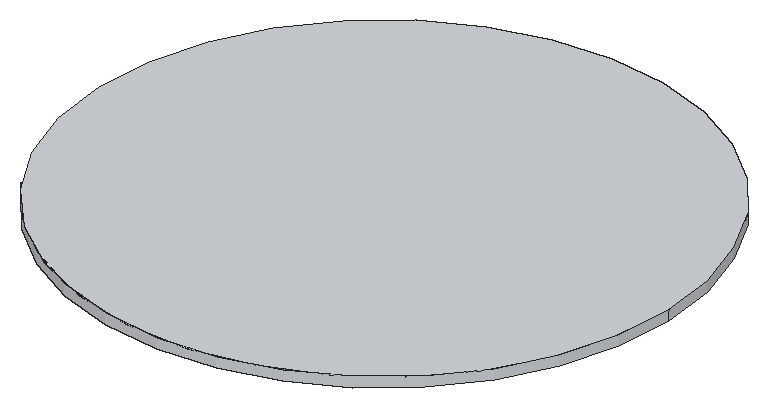
Revit family "CITY", category Lighting Fixtures, host Face, Revit 2023 (continued)
Parameters (values of type "LISUP3084")
    7.202271 362.64679 348.629517 333.886841 319.70578 305.548126 290.665009 276.437134\r\n 262.864532 247.255981 232.840912 217.794006 204.151169 189.80629 174.876389 160.648529 146.514267 131.677963 117.613907 102.894623 89.649597 76.00676 61.427876 48.814686 36.763119 23.541502 12.987609 4.937631 3.229351 2.176302 1.544472\r\n 1.357264 1.28706 1.357264 1.404066 1.357264 1.427467 1.521071 1.638077 1.731681 1.848687 1.895489 1.965692 2.035895 2.152901 2.199703 2.246505 2.34011 2.433714 2.480516 2.550719 2.667725 2.761329 2.831532 2.925137 3.042143 3.135747\r\n 3.229351 3.299555 3.369758 3.486763 3.556967 3.720774 3.744175 3.83778 3.931384 4.024988 4.165395 4.188797 4.305802 4.376005 4.469609 4.586615 4.633417 4.70362 4.797225 4.91423 4.937631 5.054637 5.148241 5.218445 5.288648 5.358851\r\n 5.499258 5.522659 5.616263 5.663065 5.75667 5.803472 5.897076 5.943879 5.990681 5.826873 5.873675 5.920477 5.990681 6.014082 6.131087 6.131087 6.201291 6.294895 6.318296 6.365098 6.388499 6.458703 6.552307 6.528906 6.62251 6.645911\r\n 6.669312 6.716115 6.739516 6.762917 6.762917 6.83312 6.83312 6.856522 6.856522 6.926725 6.856522 6.879922 6.879922 6.866759\r\n841.269409 840.520569 839.935547 839.022888 837.852844 836.401978 834.483093 832.517395 829.966675 827.345764 824.350464 820.793457 817.376892 813.515686 809.2099 804.787109 799.755859 795.052246 789.646606 783.679321 778.063049 772.002197\r\n 765.403015 758.780518 751.549622 744.646301 737.274963 729.295166 721.31543 713.335632 704.513428 695.971985 686.517944 677.531921 668.68634 658.179199 648.818787 638.826477 628.179016 617.765503 606.720215 595.838684 585.2146 572.858826\r\n 561.71991 549.036499 537.710388 525.612 512.25 499.917603 487.257629 473.755188 461.259003 446.937531 433.669128 420.915527 406.126007 392.576813 379.472198 364.869904 350.969635 335.641907 321.460846 307.888245 292.466888 278.941071\r\n 264.736603 249.806702 235.415039 220.414932 206.163666 192.474014 176.888885 163.292847 149.135193 134.392502 120.328438 105.74955 91.802505 78.112862 63.884995 50.639973 38.401199 25.6008 14.578883 5.358851 3.439961 2.293308 1.591274\r\n 1.380665 1.333862 1.357264 1.427467 1.450868 1.521071 1.591274 1.755082 1.848687 1.91889 1.942291 2.059297 2.1295 2.223104 2.316709 2.363511 2.433714 2.527318 2.620923 2.808132 2.925137 2.99534 3.065543 3.135747 3.20595 3.299555 3.369758\r\n 3.486763 3.556967 3.62717 3.720774 3.83778 3.931384 4.001587 4.118593 4.188797 4.282401 4.376005 4.399406 4.469609 4.539813 4.633417 4.727021 4.867428 4.91423 5.007834 5.078038 5.195043 5.218445 5.288648 5.429054 5.499258 5.592862\r\n 5.54606 5.592862 5.686467 5.75667 5.826873 5.709867 5.686467 5.803472 5.826873 5.920477 5.990681 6.014082 6.060884 6.131087 6.224692 6.318296 6.365098 6.435301 6.435301 6.505505 6.575708 6.575708 6.645911 6.692714 6.739516 6.83312\r\n 6.856522 6.856522 6.856522 6.856522 6.903323 6.903323 6.926725 6.856522 6.83312 6.856522 6.856522 6.856522 6.866759\r\n841.269409 841.105652 840.497192 839.561096 838.648499 837.174255 835.302124 833.313049 830.83252 828.258423 825.309814 821.916687 818.453308 814.709167 810.379944 805.863586 801.019531 796.29248 790.910278 784.872742 779.420288 773.616882\r\n 766.783752 760.465454 752.883484 745.675903 738.655579 730.629028 722.672668 714.856689 705.683472 697.539856 687.82843 679.19342 669.73938 659.372681 649.942078 640.090149 629.325684 618.935608 607.866882 596.938538 586.408081 574.028931\r\n 563.123962 550.300171 538.927246 526.969238 513.560425 501.087677 489.106323 475.01886 462.616272 448.318207 435.143372 422.342987 407.764099 394.144653 381.040039 366.601593 351.999268 337.233215 323.824371 309.643311 294.245392\r\n 280.74295 266.608673 251.678802 237.310516 222.333817 208.784576 194.626923 179.275787 165.726563 151.615692 136.896408 122.972763 108.323677 94.540436 80.827385 66.69313 53.939526 40.92852 27.987711 17.035997 7.956373 3.697373 2.480516\r\n 1.638077 1.333862 1.28706 1.357264 1.404066 1.450868 1.49767 1.521071 1.638077 1.731681 1.778483 1.825285 1.895489 1.989093 2.035895 2.1295 2.199703 2.246505 2.363511 2.433714 2.527318 2.644324 2.714527 2.808132 2.925137 2.99534 3.042143\r\n 3.159148 3.252752 3.346357 3.369758 3.486763 3.62717 3.673972 3.720774 3.814378 3.907983 3.978186 4.04839 4.095191 4.165395 4.305802 4.376005 4.493011 4.539813 4.656818 4.727021 4.797225 4.91423 4.984434 5.054637 5.12484 5.195043\r\n 5.195043 5.288648 5.358851 5.382252 5.475856 5.54606 5.616263 5.686467 5.75667 5.803472 5.873675 5.920477 6.014082 6.107686 6.131087 6.131087 6.201291 6.201291 6.294895 6.365098 6.388499 6.435301 6.505505 6.528906 6.575708 6.575708\r\n 6.692714 6.716115 6.762917 6.762917 6.809719 6.856522 6.809719 6.83312 6.83312 6.856522 6.856522 6.879922 6.903323 6.866759\r\n841.269409 841.690613 841.269409 840.450378 839.420715 838.18042 836.261597 834.295837 831.815369 829.264648 826.526672 823.133545 819.670166 816.066406 811.526611 807.314453 802.400208 797.462524 792.290894 786.39386 780.61377 774.903931\r\n 768.351624 761.565308 754.357727 747.290649 739.91925 731.986328 724.334106 716.213989 707.415161 698.78009 689.466492 680.410278 671.049805 660.987366 651.112122 641.65802 630.542542 620.620422 608.990112 598.085205 587.461121 575.737183\r\n 564.106812 551.891479 539.956848 528.490356 515.128296 502.164124 490.042358 476.563324 463.669342 449.371246 436.781433 423.396027 409.402161 395.782745 382.022888 367.654602 354.269196 339.081909 325.041229 311.608978 296.187683\r\n 282.638458 268.43396 252.942459 239.252808 223.50386 209.603622 195.09494 179.977844 165.632965 152.107132 136.592194 123.253578 107.949257 94.634033 80.803986 66.880333 54.664959 42.589996 30.702238 20.195147 10.179477 4.095191 2.761329\r\n 1.825285 1.474269 1.404066 1.450868 1.474269 1.474269 1.591274 1.661478 1.731681 1.872088 1.91889 2.035895 2.106099 2.176302 2.246505 2.269906 2.34011 2.410313 2.527318 2.597522 2.667725 2.737928 2.854934 2.948538 2.99534 3.135747\r\n 3.229351 3.276154 3.41656 3.463362 3.556967 3.62717 3.790978 3.861181 3.954785 4.04839 4.118593 4.235599 4.305802 4.376005 4.493011 4.586615 4.70362 4.797225 4.937631 4.984434 5.054637 5.171642 5.218445 5.288648 5.405653 5.475856\r\n 5.54606 5.663065 5.75667 5.873675 5.943879 5.990681 6.060884 6.177889 6.201291 6.341697 6.365098 6.435301 6.505505 6.575708 6.575708 6.669312 6.716115 6.786318 6.856522 6.950126 6.996928 7.04373 7.04373 6.856522 6.809719 6.856522\r\n 6.83312 6.926725 6.926725 6.950126 6.996928 6.996928 7.04373 7.067131 7.067131 7.113933 7.04373 7.067131 7.067131 7.113933 6.866759\r\n841.269409 844.100952 843.749939 843.188293 842.299072 841.175842 839.561096 837.876221 835.6297 833.242859 830.715515 827.369141 824.186646 820.746643 816.581299 812.36908 807.618652 803.008606 797.907166 792.384521 787.025635 781.128601\r\n 774.318848 767.860168 760.816467 754.170532 747.267212 739.076782 731.635315 723.491699 714.856689 706.338684 696.674072 688.156006 678.912598 669.037354 659.793884 649.895264 638.803101 628.90448 617.367737 607.047852 596.564148\r\n 584.348816 572.952454 561.27533 548.966309 536.891357 524.090942 512.296814 499.683594 486.345001 473.567993 459.85495 446.656738 433.949921 419.277466 406.266449 392.529999 378.044708 364.82309 349.588989 336.109955 321.999084 307.115967\r\n 292.6073 278.753876 262.747498 248.823853 233.613144 219.057663 205.227615 190.157318 175.76564 161.467575 146.654663 133.152237 117.847923 104.626297 91.568489 76.966209 64.329613 51.435612 38.167191 26.162426 15.655334 7.46495 3.088945\r\n 1.872088 1.170055 0.842439 0.842439 0.889242 0.912643 0.889242 0.959445 1.006247 1.029648 1.099851 1.216857 1.28706 1.357264 1.521071 1.567873 1.661478 1.778483 1.801884 1.895489 1.942291 2.106099 2.246505 2.293308 2.410313 2.480516\r\n 2.597522 2.691126 2.78473 2.854934 2.925137 3.018741 3.088945 3.229351 3.299555 3.369758 3.486763 3.556967 3.720774 3.814378 3.884582 3.978186 4.04839 4.188797 4.258999 4.399406 4.493011 4.539813 4.680219 4.750422 4.797225 4.91423\r\n 5.007834 5.101439 5.12484 5.265246 5.358851 5.405653 5.499258 5.499258 5.569461 5.616263 5.75667 5.803472 5.873675 5.920477 5.990681 6.107686 6.084285 6.154489 6.248093 6.294895 6.341697 6.411901 6.482104 6.528906 6.575708 6.62251\r\n 6.645911 6.692714 6.62251 6.388499 6.341697 6.365098 6.365098 6.435301 6.388499 6.482104 6.482104 6.528906 6.552307 6.552307 6.866759\r\n841.269409 841.456604 841.269409 840.66095 839.818542 838.742126 837.174255 835.536133 833.336487 830.972961 828.515808 825.309814 822.174133 818.640503 814.568726 810.379944 805.793335 801.32373 796.29248 790.582642 785.177002 779.350098\r\n 772.938171 766.807129 759.482605 752.883484 745.675903 737.789734 730.044006 722.485474 713.476074 705.285645 695.831604 687.243347 678.046753 668.288513 658.506836 649.146423 638.592529 628.179016 617.133728 606.392578 595.394104\r\n 583.202148 572.460999 560.807251 548.474915 536.42334 523.693115 511.290558 499.238983 485.408936 473.193542 459.597534 446.399292 433.715912 419.066833 406.055817 392.974609 377.904297 364.050873 349.495392 336.086548 321.952271\r\n 306.952179 292.560516 278.777252 263.543152 248.987656 233.776962 219.385284 205.602036 189.946701 176.280457 162.052597 147.2397 133.901077 118.573357 105.445335 91.849304 77.738441 64.961441 51.833431 37.839573 26.022018 15.655334\r\n 7.46495 3.299555 1.989093 1.333862 1.053049 1.053049 1.099851 1.146654 1.170055 1.240258 1.28706 1.357264 1.427467 1.474269 1.521071 1.614676 1.638077 1.778483 1.895489 1.965692 2.059297 2.176302 2.246505 2.34011 2.480516 2.527318\r\n 2.667725 2.737928 2.808132 2.901736 2.99534 3.088945 3.182549 3.276154 3.346357 3.463362 3.556967 3.62717 3.720774 3.814378 3.931384 4.04839 4.165395 4.235599 4.305802 4.376005 4.493011 4.610016 4.727021 4.797225 4.91423 4.937631\r\n 5.078038 5.195043 5.241846 5.358851 5.429054 5.54606 5.616263 5.686467 5.803472 5.873675 5.873675 5.990681 6.107686 6.177889 6.177889 6.248093 6.294895 6.388499 6.435301 6.458703 6.528906 6.552307 6.575708 6.645911 6.692714 6.739516\r\n 6.786318 6.856522 6.809719 6.903323 6.926725 6.879922 6.669312 6.669312 6.692714 6.669312 6.669312 6.716115 6.716115 6.692714 6.739516 6.786318 6.866759\r\n841.269409 840.497192 840.192993 839.701538 838.835693 837.759216 836.121155 834.483093 832.3302 829.990051 827.486145 824.30365 821.004028 817.727905 813.539063 809.677917 804.787109 800.340881 795.613892 789.857178 784.591919 778.81189\r\n 772.470215 766.151917 759.084778 752.181396 745.348328 737.251526 729.435608 721.783386 713.312195 704.981445 695.761414 686.798767 678.187195 667.960938 658.717468 648.79541 638.28833 627.898193 616.899658 606.182007 595.72168 583.553162\r\n 572.718445 561.111511 548.194092 536.821167 523.599548 511.711792 499.121979 485.83017 473.567993 459.410309 446.86734 433.575531 419.417847 405.915405 392.834198 377.740509 364.565704 349.963379 336.016357 321.88208 307.186218 293.613556\r\n 279.362305 264.45578 250.672546 234.993805 220.625534 206.935883 191.795395 177.473923 163.854477 148.29274 134.720123 119.345589 105.983566 92.644943 76.568382 62.387321 48.299862 35.82708 25.764606 15.561728 7.441548 3.276154 2.106099\r\n 1.450868 1.170055 1.216857 1.240258 1.240258 1.310461 1.357264 1.427467 1.427467 1.544472 1.614676 1.661478 1.825285 1.872088 1.965692 2.035895 2.106099 2.246505 2.34011 2.480516 2.597522 2.691126 2.761329 2.901736 2.99534 3.065543\r\n 3.135747 3.229351 3.346357 3.41656 3.486763 3.580368 3.673972 3.720774 3.814378 3.907983 4.001587 4.095191 4.188797 4.258999 4.352604 4.446208 4.539813 4.633417 4.727021 4.797225 4.867428 4.984434 5.007834 5.12484 5.241846 5.33545\r\n 5.405653 5.499258 5.54606 5.686467 5.686467 5.803472 5.826873 5.873675 5.990681 6.084285 6.131087 6.177889 6.248093 6.318296 6.388499 6.435301 6.482104 6.552307 6.62251 6.62251 6.716115 6.762917 6.809719 6.903323 6.879922 6.926725\r\n 6.903323 6.762917 6.669312 6.692714 6.716115 6.762917 6.739516 6.856522 6.856522 6.83312 6.856522 6.856522 6.856522 6.866759\r\n841.269409 840.333374 840.005737 839.397278 838.601685 837.501831 835.910583 834.155457 832.026001 829.70929 827.018127 824.139832 820.770081 817.423645 813.18811 809.28009 804.553101 800.060059 795.09906 789.646606 784.006958 778.531128\r\n 771.908508 765.800903 758.476318 751.924011 745.067505 737.228149 729.295166 721.689819 713.242004 704.747437 695.34021 686.775391 677.648926 667.890686 658.366394 648.935791 638.522278 628.15564 617.180542 606.415955 595.908875 583.833923\r\n 572.437622 561.368896 548.545105 537.055176 523.739929 511.992584 499.94101 485.947174 473.099945 459.48053 446.960938 433.786133 419.745453 406.149414 393.021393 378.091492 364.82309 349.705994 336.273743 322.116089 307.326599 293.122131\r\n 279.502686 264.502594 250.274719 235.181015 221.655197 207.474121 192.029404 178.526962 165.024536 149.533005 136.124176 120.843262 107.481232 94.236214 79.002098 65.569878 52.020638 38.518204 26.349634 14.812894 5.312049 3.182549\r\n 1.989093 1.427467 1.28706 1.240258 1.28706 1.333862 1.357264 1.427467 1.474269 1.591274 1.614676 1.70828 1.755082 1.848687 1.895489 1.989093 2.106099 2.1295 2.223104 2.316709 2.386912 2.480516 2.550719 2.667725 2.808132 2.925137 2.99534\r\n 3.159148 3.276154 3.346357 3.41656 3.486763 3.580368 3.744175 3.790978 3.884582 3.978186 4.04839 4.188797 4.258999 4.376005 4.469609 4.563214 4.610016 4.70362 4.797225 4.820626 4.91423 5.007834 5.054637 5.171642 5.218445 5.312049\r\n 5.382252 5.475856 5.616263 5.686467 5.75667 5.826873 5.873675 5.943879 6.014082 6.107686 6.177889 6.248093 6.318296 6.341697 6.435301 6.482104 6.505505 6.552307 6.62251 6.62251 6.575708 6.458703 6.458703 6.411901 6.482104 6.575708\r\n 6.575708 6.62251 6.692714 6.716115 6.716115 6.762917 6.786318 6.83312 6.903323 6.903323 6.926725 6.926725 6.973526 6.866759\r\n841.269409 840.497192 840.192993 839.490906 838.671936 837.572021 836.004211 834.249084 832.002625 829.70929 827.018127 823.788757 820.536072 817.072693 812.907288 808.812073 804.17865 799.545288 794.748047 788.968018 783.60907 777.782227\r\n 771.417114 764.981812 758.008301 751.479431 744.388855 736.221863 728.827148 720.964355 712.37616 704.373047 694.801941 685.932922 677.204346 666.954651 657.734619 648.046509 637.516052 627.664246 616.244446 605.924561 594.949463\r\n 582.780884 571.969604 560.386047 548.077087 536.072266 523.295349 510.939514 498.864563 485.549347 472.725555 459.082703 445.88446 432.592651 418.505188 405.423981 391.734344 377.249084 363.302032 348.746521 334.682495 321.13324 306.320343\r\n 292.045685 278.426239 262.747498 249.104675 234.05777 219.806503 206.210464 190.672119 177.076096 162.871628 147.286499 133.760666 118.947769 105.585747 91.779106 77.434227 63.931793 51.271805 37.745972 25.226383 12.659993 4.984434\r\n 3.159148 1.989093 1.427467 1.28706 1.240258 1.333862 1.357264 1.380665 1.474269 1.521071 1.544472 1.638077 1.661478 1.825285 1.895489 1.942291 2.035895 2.1295 2.176302 2.246505 2.34011 2.410313 2.527318 2.597522 2.667725 2.737928\r\n 2.878335 2.971939 3.065543 3.159148 3.20595 3.346357 3.41656 3.463362 3.533566 3.697373 3.744175 3.814378 3.978186 4.095191 4.118593 4.235599 4.282401 4.305802 4.399406 4.563214 4.633417 4.70362 4.844027 4.91423 4.984434 5.078038\r\n 5.148241 5.218445 5.288648 5.358851 5.405653 5.522659 5.54606 5.686467 5.803472 5.826873 5.873675 5.920477 6.014082 6.084285 6.154489 6.154489 6.224692 6.294895 6.365098 6.435301 6.458703 6.505505 6.505505 6.505505 6.505505 6.575708\r\n 6.575708 6.62251 6.739516 6.739516 6.762917 6.786318 6.83312 6.879922 6.856522 6.879922 6.903323 6.926725 6.926725 6.926725 6.926725 6.866759\r\n"
  Manufacturer = ""
  LuxLight_Watios = 30 W
  LuxLight_Temperatura(K) [instance] = Temperatura : 3000 K
  LuxLight_Temperatura = 4000 K
  LuxLight_ProtuberanciaTecho = 0 mm
  LuxLight_Lumenes = 2340 lm
  LuxLight_LargoAreaLuminosa = 0 mm
  LuxLight_Largo = 0 mm
  LuxLight_DiametroAreaLuminosa = 0 mm
  LuxLight_Diametro = 0 mm
  LuxLight_AnchoAreaLuminosa = 0 mm
  LuxLight_Ancho = 0 mm
  LuxLight_Amperios = 0
  LuxLight_AltoAreaLuminosa = 0 mm
  LuxLight_Alto = 0 mm
  built-in parameter 1150105 = 109.82 (stored number, unit not read)
  Lumens = 1380 lm
  built-in parameter 1150115 = 1 (stored number, unit not read)
  built-in parameter 1150137 = (empty or 0)
  built-in parameter 1150139 = (empty or 0)
  built-in parameter 1150112 = 1 (stored number, unit not read)
  built-in parameter 1150114 = 1 (stored number, unit not read)
  built-in parameter 1150132 = (empty or 0)
  built-in parameter 1150102 = (empty or 0)
  built-in parameter 1150107 = 3200 (stored number, unit not read)
  built-in parameter 1150138 = (empty or 0)
  built-in parameter 1150106 = 1.0982 (stored number, unit not read)
  Emit from Line Length = 609.6 mm
  built-in parameter 1150104 = 13.8 (stored number, unit not read)
  Dimming Lamp Color Temperature Shift = <None>
  Default Elevation = 1219.2 mm
  Color Filter = 16777215
  built-in parameter 1114218 = 1 (stored number, unit not read)
  built-in parameter 1150133 = 10 (stored number, unit not read)
Reference planes
  plane 1 "Center (Front/Back)": y = 0
  plane 2: z = 0
  plane 3 "Center (Left/Right)": x = 0
Forms (mm)
  Extrusion 1, solid
    sketch origin (0, 0, 0) x (1, 0, 0) y (0, 1, 0)
      loop
        circle (0, 0) r 1542
    from 0 to 55
Dimensions and locks
  "Radio": radius of Extrusion 1 sketch curve
  aligned and locked: host face to plane 2
  aligned and locked: host face to level
Automatic sketch dimensions
  host sketch curve to host sketch curve = 4298.275 mm
  host sketch curve to host sketch curve = 3884.047 mm
  plane 1 "Center (Front/Back)" to Extrusion 1 sketch curve = 0 mm
  Extrusion 1 sketch curve to plane 3 "Center (Left/Right)" = 0 mm
Nested families
  nested 1: "Temperatura" at (-1550.76, -47.566, 0), type "3000 K"
    with built-in parameter 1140142 -1, built-in parameter 1140140 1 (stored number, unit not read), built-in parameter 1155100 -1
Definition of nested family "Temperatura"
  Parameters (values of type "6000 K")
    built-in parameter 1140142 [instance] = -1
    built-in parameter 1140140 [instance] = 1 (stored number, unit not read)
    built-in parameter 1155100 [instance] = -1
    Default Elevation = 0 mm
  Types (5): name
    (no name)
    3000 K
    4000 K
    5000 K
    6000 K
  Reference planes
    plane 1 "Center (Front/Back)": y = 0
    plane 2: z = 0
    plane 3 "Center (Left/Right)": x = 0
  Dimensions and locks
    aligned and locked: level to plane 2
